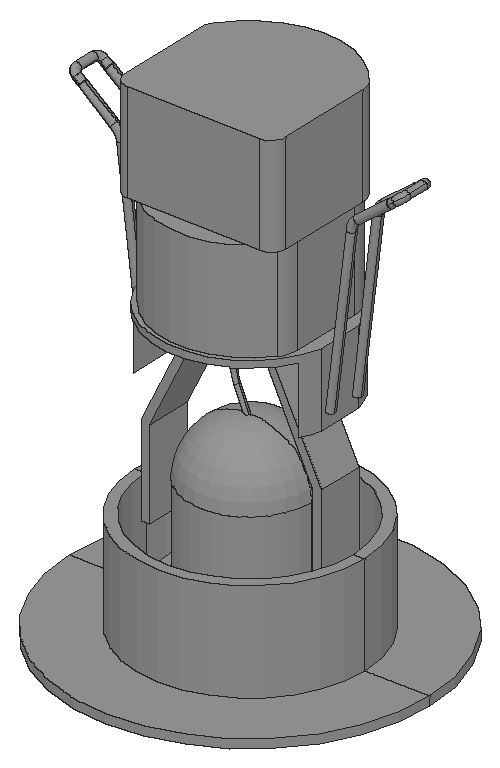
Revit family "Alcon-14142-R-ADJ-Revit-Family", category Lighting Fixtures, host Ceiling, Revit 2021
Family settings
  Host = Ceiling
  Round Connector Dimension = Use Diameter
  Part Type = Normal
  Always vertical = Yes
  Cut with Voids When Loaded = No
  Light Source = Yes
  Shared = No
  Room Calculation Point = No
Parameters
  Wattage = 9.2903 W
  built-in parameter 1150110 = 1 (stored number, unit not read)
  built-in parameter 1114217 = 1 (stored number, unit not read)
  Tilt Angle = 60.00°
  built-in parameter 1150109 = 1 (stored number, unit not read)
  built-in parameter 1150134 = 3
  built-in parameter 1150113 = 1 (stored number, unit not read)
  built-in parameter 1010507 = 1.5708 (stored number, unit not read)
  built-in parameter 1010506 = 0.5236 (stored number, unit not read)
  Reflector = Metal
  Product Identity = "Alcon Light 14142-R-ADJ"
  Metal = Metal
  Manufacturer = "Alcon Light"
  built-in parameter 1150105 = 4614.1 (stored number, unit not read)
  Lumens = 1380 lm
  built-in parameter 1150115 = 1 (stored number, unit not read)
  Link To Product Page = "https://www.alconlighting.com/14142-recessed-1-inch-adjustable-led.html"
  Light Source Symbol Length = 10' - 0"
  Light Source = Light
  built-in parameter 1150137 = (empty or 0)
  built-in parameter 1150139 = (empty or 0)
  built-in parameter 1150112 = 1 (stored number, unit not read)
  built-in parameter 1150114 = 1 (stored number, unit not read)
  built-in parameter 1150132 = (empty or 0)
  built-in parameter 1150102 = (empty or 0)
  built-in parameter 1150107 = 3200 (stored number, unit not read)
  built-in parameter 1150138 = (empty or 0)
  built-in parameter 1150106 = 46.141 (stored number, unit not read)
  Housing = Default
  built-in parameter 1150104 = 13.8 (stored number, unit not read)
  Dimming Lamp Color Temperature Shift = (empty or 0)
  Default Elevation = 0' - 0"
  Color Filter = 16777215
  built-in parameter 1114218 = 1 (stored number, unit not read)
  built-in parameter 1150133 = 10 (stored number, unit not read)
Reference planes (in)
  plane 1 "Center (Front/Back)": y = 0
  plane 2 "Ceiling": z = 96
  plane 3 "Center (Left/Right)": x = 0
Forms (in)
  Extrusion 1, solid, material "Default" <- "Housing"
    sketch origin (0, 0, 96) x (1, 0, 0) y (0, 1, 0)
      loop
        arc (-0.52544, -0.40111) -> (0, -0.66104) -> (0.52544, -0.40111) r 0.66104
        arc (0.52544, -0.40111) -> (0.55879, -0.33844) -> (0.57031, -0.26838) r 0.21875
        line (0.57031, -0.26838) -> (0.57031, 0.26838)
        arc (0.57031, 0.26838) -> (0.55879, 0.33844) -> (0.52544, 0.40111) r 0.21875
        arc (0.52544, 0.40111) -> (-0.00038, 0.66104) -> (-0.5259, 0.4005) r 0.66104
        arc (-0.5259, 0.4005) -> (-0.55891, 0.33834) -> (-0.57031, 0.26889) r 0.21723
        line (-0.57031, 0.26889) -> (-0.57031, -0.26838)
        arc (-0.57031, -0.26838) -> (-0.55879, -0.33844) -> (-0.52544, -0.40111) r 0.21875
    from 2.19045 to 2.94367
  Extrusion 2, solid, material "Default" <- "Housing"
    sketch origin (0, 0, 100.2928) x (0, -1, 0) y (1, 0, 0)
      loop
        arc (-0.3841, 0.57596) -> (-0.69229, -0.0003) -> (-0.3836, -0.5763) r 0.69229
        arc (-0.3836, -0.5763) -> (-0.34369, -0.59511) -> (-0.30005, -0.60156) r 0.15078
        line (-0.30005, -0.60156) -> (0.41575, -0.60156)
        arc (0.41575, -0.60156) -> (0.49309, -0.56953) -> (0.52512, -0.49219) r 0.10938
        line (0.52512, -0.49219) -> (0.52512, 0.49096)
        arc (0.52512, 0.49096) -> (0.49273, 0.56917) -> (0.41452, 0.60156) r 0.1106
        line (0.41452, 0.60156) -> (-0.29958, 0.60156)
        arc (-0.29958, 0.60156) -> (-0.34374, 0.59502) -> (-0.3841, 0.57596) r 0.15234
    from -1.34913 to -0.6053
  Sweep 3, solid, material "Metal" <- "Metal"
    path origin (0, 0, 0.40104) x (1, 0, 0) y (0, 0, -1)
      loop
        line (0.70144, -97.36537) -> (0.85672, -98.63)
        arc (0.85672, -98.63) -> (0.87262, -98.67823) -> (0.90577, -98.71671) r 0.13015
        line (0.90577, -98.71671) -> (1.14942, -98.90706)
    profile origin (0.77908, 0, 98.39873) x (0.992546, 0, -0.121869) y (0, 1, 0)
      loop
        circle (0, 0.125) r 0.02995
  Sweep 4, solid, material "Metal" <- "Metal"
    path origin (0, 0, 0.40104) x (-1, 0, 0) y (0, 0, 1)
      loop
        line (0.70144, 97.36537) -> (0.85672, 98.63)
        arc (0.85672, 98.63) -> (0.87262, 98.67823) -> (0.90577, 98.71671) r 0.13015
        line (0.90577, 98.71671) -> (1.14942, 98.90706)
    profile origin (-0.77908, 0, 98.39873) x (0.992546, 0, 0.121869) y (0, 1, 0)
      loop
        circle (0, 0.125) r 0.02995
  Extrusion 5, solid, material "Default" <- "Housing"
    sketch origin (0, 0, 96.37656) x (1, 0, 0) y (0, 1, 0)
      loop
        arc (0.67043, 0.17262) -> (0, 0.69229) -> (-0.67043, 0.17262) r 0.69229
        line (-0.67043, 0.17262) -> (-0.67043, -0.17262)
        arc (-0.67043, -0.17262) -> (0, -0.69229) -> (0.67043, -0.17262) r 0.69229
        line (0.67043, -0.17262) -> (0.67043, 0.17262)
    from 1.26601 to 1.81389
  Extrusion 6, void
    sketch origin (0, 0, 0.32611) x (1, 0, 0) y (0, 0, 1)
      loop
        line (-0.61719, 97.81389) -> (-0.61719, 97.31646) -> (0.61719, 97.31646) -> (0.61719, 97.81389) -> (-0.61719, 97.81389)
    from -0.74739 to 0.74739
  Sweep 7, solid, material "Metal" <- "Metal"
    path origin (0, 0, 0.40104) x (1, 0, 0) y (0, 0, 1)
      loop
        line (0.70144, 97.36537) -> (0.85672, 98.63)
        arc (0.85672, 98.63) -> (0.87262, 98.67823) -> (0.90577, 98.71671) r 0.13015
        line (0.90577, 98.71671) -> (1.14942, 98.90706)
    profile origin (0.77908, 0, 98.39873) x (-0.992546, 0, 0.121869) y (0, -1, 0)
      loop
        circle (0, 0.125) r 0.02995
  Sweep 8, solid, material "Metal" <- "Metal"
    path origin (0.22913, 0, 98.5891) x (0.788011, 0, 0.615661) y (0, 1, 0)
      loop
        line (1.16786, 0.125) -> (1.21887, 0.125)
        arc (1.21887, 0.125) -> (1.25312, 0.11081) -> (1.2673, 0.07657) r 0.04843
        line (1.2673, 0.07657) -> (1.2673, -0.07868)
        arc (1.2673, -0.07868) -> (1.25374, -0.11143) -> (1.22098, -0.125) r 0.04632
        line (1.22098, -0.125) -> (1.16786, -0.125)
    profile origin (1.22778, -0.00105, 99.36933) x (0.788011, 0, 0.615661) y (-0.615661, 0, 0.788011)
      loop
        circle (0, 0) r 0.02995
  Sweep 9, solid, material "Metal" <- "Metal"
    path origin (0, 0, 0.40104) x (-1, 0, 0) y (0, 0, -1)
      loop
        line (0.70144, -97.36537) -> (0.85672, -98.63)
        arc (0.85672, -98.63) -> (0.87262, -98.67823) -> (0.90577, -98.71671) r 0.13015
        line (0.90577, -98.71671) -> (1.14942, -98.90706)
    profile origin (-0.77908, 0, 98.39873) x (-0.992546, 0, -0.121869) y (0, -1, 0)
      loop
        circle (0, 0.125) r 0.02995
  Sweep 10, solid, material "Metal" <- "Metal"
    path origin (-0.22913, 0, 98.5891) x (-0.788011, 0, 0.615661) y (0, -1, 0)
      loop
        line (1.16786, -0.125) -> (1.21887, -0.125)
        arc (1.21887, -0.125) -> (1.25312, -0.11081) -> (1.2673, -0.07657) r 0.04843
        line (1.2673, -0.07657) -> (1.2673, 0.07868)
        arc (1.2673, 0.07868) -> (1.25374, 0.11143) -> (1.22098, 0.125) r 0.04632
        line (1.22098, 0.125) -> (1.16786, 0.125)
    profile origin (-1.22778, -0.00105, 99.36933) x (0.788011, 0, -0.615661) y (0.615661, 0, 0.788011)
      loop
        circle (0, 0) r 0.02995
  Revolve 11, solid, material "Default" <- "Housing"
    sketch origin (0, 0, 0) x (1, 0, 0) y (0, 0, 1)
      loop
        line (0.85698, 96.02948) -> (0.85698, 96.77841) -> (0.77459, 96.77841) -> (0.77459, 96.02948) -> (0.6875, 96.02948) -> (0.6875, 95.96272) -> (1.34375, 95.96272) -> (1.34375, 96.02948) -> (0.85698, 96.02948)
      axis (0, 95.96272) -> (0, 96.77841)
    angle from 0 to 360
  Revolve 12, solid, material "Default" <- "Housing"
    sketch origin (0, 0, -0.20836) x (1, 0, 0) y (0, 0, 1)
      loop
        line (0.35656, 96.20836) -> (0.38499, 96.10225) -> (0.57024, 96.20921) -> (0.57024, 96.53549) -> (0.46004, 96.53549) -> (0.46004, 97.22299)
        arc (0.46004, 97.22299) -> (0.32341, 97.53808) -> (0, 97.65366) r 0.43161
        line (0, 97.65366) -> (0, 96.39401) -> (0.35656, 96.39401) -> (0.35656, 96.20836)
      axis (0, 96.10225) -> (0, 97.65366)
    angle from 0 to 360
  Extrusion 13, solid, material "Light" <- "Light Source"
    sketch origin (0, 0, 96.07113) x (1, 0, 0) y (0, -1, 0)
      loop
        circle (0, 0) r 0.35656
    from 0 to 0.07113
  Sweep 14, solid, material "Default" <- "Housing"
    path origin (0.01563, 0, 0.44427) x (1, 0, 0) y (0, 0, 1)
      loop
        line (-0.03218, 96.98141) -> (-0.11466, 97.17572)
        arc (-0.11466, 97.17572) -> (-0.13406, 97.28876) -> (-0.10095, 97.39857) r 0.25
        line (-0.10095, 97.39857) -> (-0.06078, 97.46801)
        arc (-0.06078, 97.46801) -> (-0.01307, 97.58656) -> (-0.00041, 97.71373) r 0.45241
    profile origin (-0.05779, 0, 97.52283) x (-0.920505, 0, -0.390731) y (0, -1, 0)
      loop
        circle (0, 0) r 0.01979
  Extrusion 15, solid, material "Metal" <- "Metal"
    sketch origin (0, 0, 0.52239) x (1, 0, 0) y (0, 0, 1)
      loop
        line (-0.60972, 96.04847) -> (-0.60972, 96.71182) -> (-0.20202, 97.54773) -> (0.20155, 97.54773) -> (0.60972, 96.71087) -> (0.60972, 96.04847) -> (0.67222, 96.04847) -> (0.67222, 96.7253) -> (0.23701, 97.61761) -> (-0.23747, 97.61761) -> (-0.67222, 96.72625) -> (-0.67222, 96.04847) -> (-0.60972, 96.04847)
    from -0.17262 to 0.17262
  Extrusion 16, void
    sketch origin (0, 0, 96.52239) x (1, 0, 0) y (0, 1, 0)
      loop
        circle (0, 0) r 0.09319
    from 1.54773 to 1.61761
Cuts and joins
  Extrusion 6 cuts Extrusion 1
  Extrusion 16 cuts Extrusion 15
  Extrusion 6 cuts Extrusion 5
Lines and regions (in)
  symbolic lines
    curve 1: circle (0, 0, 96) r 1.125 normal (0, 0, 1)
Dimensions and locks (in)
  equal spacing: host sketch curve, plane 3 "Center (Left/Right)", host sketch curve
  equal spacing: host sketch curve, plane 1 "Center (Front/Back)", host sketch curve
  host sketch curve to host sketch curve = 10' - 0"  (x2)
  Extrusion 2 to plane 2 "Ceiling" = 0' - 3 11/16"
  Revolve 11 to Revolve 11 = 0' - 2 11/16"
